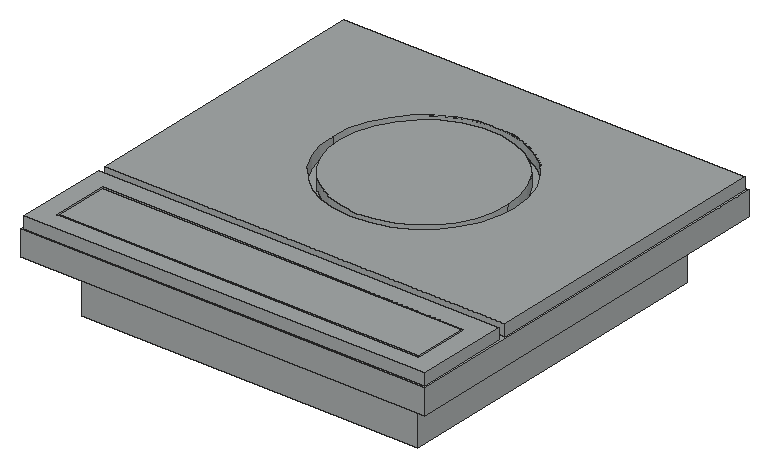
Revit family "Gira_5563920", category Electrical Fixtures, host Face, Revit 2017
Family settings
  Host = Face
  Maintain Annotation Orientation = Yes
  Round Connector Dimension = Use Diameter
  Part Type = Normal
  Cut with Voids When Loaded = No
  Shared = No
  Room Calculation Point = No
Parameters (values of type "Intercom mod. System 106 stainl.steel")
  Width = "0.1065"
  URL = "http://katalog.gira.de/en/datenblatt.html?artikelnr=5563920"
  Number of bell buttons = "0"
  Name = "Intercom mod. System 106 stainl.steel"
  Model = "Sys106_Abdeckung_Schalten und Tasten"
  Manufacturer URL = "https://www.gira.de/"
  Manufacturer = "Gira"
  Installation technique = "Bus system"
  HeinzeBIM = "https://bimportal.heinze.de/bim/intercom-mod-system-106-stainl-steel/44a50bc540629c318c06819cd919634f1b4bd1e3"
  Height = "0.1065"
  HAN = "5563920"
  GTIN = "4010337022428"
  Edelstahl [instance] = Edelstahl
  Description = "Interc.mod. S106 SST,System 106 intercom module,,Stainless steel,The Gira System 106 is an installation system made of metal in a puristic and elegant frameless design, based on basic measurements of 106.5 × 106.5 mm. With the modular door intercom in Gira System 106, hospitality begins even before you reach the front door. All the functions are presented in a harmonious overall appearance, from the call button module, intercom module, and camera module, up to the info and blank module. In the dark, backlit call buttons with inscription space ensure good legibility and an attractive appearance.,,Individually adaptable modular system, The System 106 can be used in family homes or apartment buildings, as well as in office buildings, industrial properties, and hotels. The modular design enables the system's size, design, and functionality to be individually adapted to the respective requirements. Expansions and changes are possible at any time by easily exchanging the modules.,With this system, it is also possible to exchange the fronts only. This means that the appearance of the system can be changed from e.g. traffic white to a stainless steel surface at a later stage, without having to exchange the electronic units.,,High-quality materials,The modules are frameless with design fronts made of genuine materials, available in two brushed stainless steel versions (V2A and V4A), anodised aluminium C-0, and a metal alloy lacquered in traffic white (RAL 9016): all robust materials which ensure durability. The camera and DIN 18040 display module feature a black glass cover.,,Easy and phased installation,The system can be installed in phases, in parallel to the progress of building work. In this way, it is possible to initially install only the lower part of a surface-mounted housing during construction of the shell; cables and modules can then be added when they are needed.,,Individual inscription options,Call button modules and info modules can be labelled individually via the Gira inscription service.,,Features:,- The speakerphone function enables communication between indoors and outdoors.,- A high-quality microphone and weather-resistant speaker ensure clear communication.,- Power supply via 2-wire bus. Additional connector for AS (e.g. required for three or more camera modules).,- All other Systems 106 modules (except door station module) are supplied with power via the intercom module."
  Default Elevation = 1219.2 mm
  Data sheet (1) = "https://katalog.gira.de/en/download.html?artikelnr=5563920"
  Category = "Functional module for door communication"
  BIM (1) = "https://media.stage.bim.site/public/gira/36a6b08/Sys106_Abdeckung_Schalten und Tasten.rfa?public/gira/36a6b08/Sys106_Abdeckung_Schalten und Tasten.rfa"
  Available = "No"
Reference planes
  plane 1 "Center (Front/Back)": y = 0
  plane 2 "Reference Level 0": z = 0
  plane 3 "Center (Left/Right)": x = 0
  plane 4 "Reference Level 1": z = 9.5
Forms (mm)
  Extrusion 1, solid, material "Edelstahl" <- "Edelstahl", detail levels coarse
    sketch origin (0, 0, 0) x (1, 0, 0) y (0, 1, 0)
      loop
        line (-53, 53) -> (-53, -53) -> (53, -53) -> (53, 53) -> (-53, 53)
    from -14.7 to 9.5
  Extrusion 2, solid, material "Edelstahl" <- "Edelstahl", detail levels fine
    sketch origin (0, 0, 0) x (1, 0, 0) y (0, 1, 0)
      loop
        line (52.5, -28) -> (-52.5, -28) -> (-52.5, -52.5) -> (52.5, -52.5) -> (52.5, -28)
      loop
        line (-47.5, -48) -> (47.5, -48) -> (47.5, -33) -> (-47.5, -33) -> (-47.5, -48)
    from 6.5 to 9.5
  Extrusion 3, solid, material "Edelstahl" <- "Edelstahl", detail levels fine
    sketch origin (0, 0, 0) x (1, 0, 0) y (0, 1, 0)
      loop
        line (-52.5, 52.5) -> (-52.5, -26) -> (52.5, -26) -> (52.5, 52.5) -> (-52.5, 52.5)
      loop
        circle (0, 13) r 24
    from 6.5 to 9.5
  Extrusion 4, solid, material "Edelstahl" <- "Edelstahl", detail levels medium+fine
    sketch origin (0, 0, 0) x (1, 0, 0) y (0, 1, 0)
      loop
        line (-53, 53) -> (-53, -53) -> (53, -53) -> (53, 53) -> (-53, 53)
    from 0 to 6.5
  Extrusion 5, solid, material "Edelstahl" <- "Edelstahl", detail levels fine
    sketch origin (0, 0, 0) x (1, 0, 0) y (0, 1, 0)
      loop
        line (-44, 44) -> (-44, -44) -> (44, -44) -> (44, 44) -> (-44, 44)
    from -14.7 to 0
  Extrusion 6, solid, material "Edelstahl" <- "Edelstahl", detail levels fine
    sketch origin (0, 0, 0) x (1, 0, 0) y (0, 1, 0)
      loop
        circle (0, 13) r 22
    from 6.5 to 9.5
  Extrusion 7, solid, material "Edelstahl" <- "Edelstahl", detail levels fine
    sketch origin (0, 0, 0) x (1, 0, 0) y (0, 1, 0)
      loop
        line (-47, -33.5) -> (-47, -47.5) -> (47, -47.5) -> (47, -33.5) -> (-47, -33.5)
    from 6.5 to 9.5
  Extrusion 8, solid, material "Edelstahl" <- "Edelstahl", detail levels medium
    sketch origin (0, 0, 0) x (1, 0, 0) y (0, 1, 0)
      loop
        line (-52.5, 52.5) -> (-52.5, -26) -> (52.5, -26) -> (52.5, 52.5) -> (-52.5, 52.5)
      loop
        line (-52.5, -28) -> (-52.5, -52.5) -> (52.5, -52.5) -> (52.5, -28) -> (-52.5, -28)
    from 6.5 to 9.5
  Extrusion 9, solid, material "Edelstahl" <- "Edelstahl", detail levels medium
    sketch origin (0, 0, 0) x (1, 0, 0) y (0, 1, 0)
      loop
        circle (0, 13) r 24
      loop
        line (-47.5, -33) -> (-47.5, -48) -> (47.5, -48) -> (47.5, -33) -> (-47.5, -33)
    from 6.5 to 9.5
Dimensions and locks
  aligned and locked: plane 2 "Reference Level 0" to host face
  aligned and locked: level to host face
  aligned and locked: Extrusion 4 to host face
  aligned and locked: Extrusion 4 to level
  aligned and locked: level to Extrusion 5
  aligned and locked: level to Extrusion 4
  aligned and locked: Extrusion 4 to plane 2 "Reference Level 0"
  aligned and locked: plane 2 "Reference Level 0" to Extrusion 5
  aligned and locked: plane 3 "Center (Left/Right)" to nested 1
  aligned and locked: plane 1 "Center (Front/Back)" to nested 1
Nested families
  nested 1: "Schalter" at (0, 0, 0), type "Schalter"
Connectors
  electrical at (0, 0, -14.7)
    settings: on Extrusion 5, index 1, voltage 220 V, apparent load 0 VA, apparent load phase1 0 VA, apparent load phase2 0 VA, apparent load phase3 0 VA, power factor 1, load classification "Other", number of poles 1, system type 30, power factor state 1, is connector primary yes, connector utility no, sub classification motor no, connector description ""
Definition of nested family "Schalter"
  Reference planes
    plane 1: y = 0
    plane 2: x = 0
  Lines and regions (mm)
    detail lines
      curve 1: circle (1.375, 2.778, 0) r 0.8 normal (0, 0, 1)
      curve 2: line (1.021, 2.061, 0) -> (0, 0, 0)
      curve 3: line (0, 0, 0) -> (-0.538, 0.266, 0)
  Dimensions and locks
    curve 2 to curve 2 = 2.3 mm
    curve 3 to curve 2 = 0.6 mm
    radius of curve 1 = 0.8 mm
